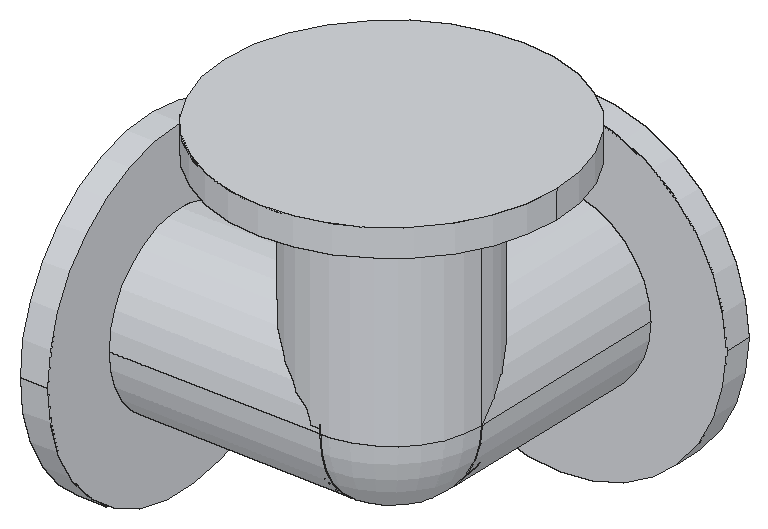
Revit family "M_Cotovelo de saída lateral - Flange - GI - Classe 25", category Conexões de tubo, Revit 2019
Family settings
  Cota do conector redondo = Usar raio
  Tipo de parte = Múltiplas portas
  Número OmniClass = 23.60.30.11.14
  Título OmniClass = Pipework Fittings
  ID de item do Seek = Elbow Side-Outlet - Flanged - GI - Class 25-0000-CAN-ENU
  Com base no plano de trabalho = Não
  Sempre na vertical = Sim
  Corte com vazios quando carregada = Não
  Compartilhado = Não
Parameters (values of type "Padrão")
  Espessura da parede [instance] = size_lookup(Nome da tabela de pesquisa, "WThk", 0.02 * Diâmetro nominal + 8.334 mm, Diâmetro nominal)  # 11 mm
  Tamanho da marca de revisão [instance] = Diâmetro da flange * 0.4  # 91.6 mm
  Método de perda = Não definido
  Nome da tabela de pesquisa = "M_Elbow Side-Outlet - Flanged - GI - Class 25"
  Comprimento 7 [instance] = Centro à face * sin(Ângulo 1)  # 165 mm
  Comprimento 6 [instance] = Centro à face * (1 + cos(Ângulo 1))  # 165 mm
  Comprimento 5 [instance] = Centro à face - Raio externo da conexão * cos(Ângulo 2)  # 165 mm
  Comprimento 4 [instance] = Raio externo da conexão * sin(Ângulo 2)  # 62 mm
  Comprimento 3 [instance] = Centro à face - Raio externo da conexão * cos(Ângulo 2)  # 165 mm
  Comprimento 2 [instance] = Raio externo da conexão * sin(Ângulo 2)  # 62 mm
  Comprimento 1 [instance] = Centro à face - Espessura do flange  # 146 mm
  Raio externo da conexão [instance] = Diâmetro externo da conexão / 2  # 62 mm
  Diâmetro externo da conexão [instance] = Diâmetro interno da conexão + Espessura da parede * 2  # 124 mm
  Raio nominal [instance] = 50 mm
  Diâmetro nominal [instance] = Raio nominal * 2  # 100 mm
  Diâmetro interno da conexão [instance] = size_lookup(Nome da tabela de pesquisa, "FID", 1.02 * Diâmetro nominal - 0 mm, Diâmetro nominal)  # 102 mm
  Centro à face [instance] = size_lookup(Nome da tabela de pesquisa, "CtF", 0.67 * Diâmetro nominal + 110.43 mm, Diâmetro nominal)  # 165 mm
  Espessura do flange [instance] = size_lookup(Nome da tabela de pesquisa, "FThk", 0.03 * Diâmetro nominal + 16.768 mm, Diâmetro nominal)  # 19 mm
  Raio da flange [instance] = Diâmetro da flange / 2  # 114.5 mm
  Diâmetro da flange [instance] = size_lookup(Nome da tabela de pesquisa, "FDia", 1.16 * Diâmetro nominal + 119.062 mm, Diâmetro nominal)  # 229 mm
  Assembly Code = ""
  Ângulo 2 [instance] = 90.00°
  Ângulo 1 [instance] = 90.00°
Reference planes
  plane 1 "Centro (Frente/Trás)": y = 0
  plane 2: z = 0
  plane 3 "Centro (Esquerda/Direita)": x = 0
  plane 4: x = -165
  plane 5: x = -146
  plane 6: y = 91.6
  plane 7: y = -91.6
  plane 8: x = 0
  plane 9: z = -62
  plane 10: x = 0
  plane 11: z = -62
  plane 12: x = 0
  plane 13: y = 165
Forms (mm)
  Sweep 1, solid, detail levels fine
    path in 3D
      loop
        line (-146, 0, 0) -> (0, 0, 0)
    profile origin (-73, 0, 0) x (0, 1, 0) y (0, 0, 1)
      loop
        circle (0, 0) r 62
  Sweep 2, solid, detail levels fine
    path in 3D
      loop
        line (0, 0, 0) -> (0, 146, 0)
    profile origin (0, 73, 0) x (-1, 0, 0) y (0, 0, 1)
      loop
        circle (0, 0) r 62
  Sweep 3, solid, detail levels fine
    path in 3D
      loop
        line (-165, 0, 0) -> (-146, 0, 0)
    profile origin (-155.5, 0, 0) x (0, 1, 0) y (0, 0, 1)
      loop
        circle (0, 0) r 114.5
  Sweep 4, solid, detail levels fine
    path in 3D
      loop
        line (0, 0, 146) -> (0, 0, 165)
    profile origin (0, 0, 155.5) x (-1, 0, 0) y (0, -1, 0)
      loop
        circle (0, 0) r 114.5
  Sweep 5, solid, detail levels fine
    path in 3D
      loop
        line (0, 146, 0) -> (0, 165, 0)
    profile origin (0, 155.5, 0) x (-1, 0, 0) y (0, 0, 1)
      loop
        circle (0, 0) r 114.5
  Sweep 6, solid, detail levels fine
    path in 3D
      loop
        line (0, 0, 0) -> (0, 0, 146)
    profile origin (0, 0, 73) x (-1, 0, 0) y (0, -1, 0)
      loop
        circle (0, 0) r 62
  Revolve 7, solid, detail levels fine
    sketch origin (0, 0, 0) x (0, 0, -1) y (1, 0, 0)
      loop
        line (0, 0) -> (62, 0)
        arc (62, 0) -> (43.841, 43.841) -> (0, 62) r 62
        line (0, 62) -> (0, 0)
      axis (62, 0) -> (0, 0)
    angle from 0 to 360
Cuts and joins
  joined: Sweep 1, Sweep 3, Sweep 5
  joined: Sweep 4, Sweep 6, Revolve 7
Lines and regions (mm)
  model lines, detail levels coarse+medium
    curve 1: line (-146, 0, 0) -> (0, 0, 0)
    curve 2: line (0, 0, 0) -> (0, 146, 0)
    curve 5: line (0, 0, 0) -> (0, 0, 146)
    curve 6: line (-165, 0, 0) -> (-146, 0, 0)
    curve 8: line (0, 0, 146) -> (0, 0, 165)
    curve 10: line (0, 146, 0) -> (0, 165, 0)
    curve 15: line (-165, 91.6, 0) -> (-165, 0, 0)
    curve 16: line (-165, 0, 0) -> (-165, -91.6, 0)
    curve 17: line (0, 165, 0) -> (-91.6, 165, 0)
    curve 18: line (0, 165, 0) -> (91.6, 165, 0)
    curve 19: line (0, 0, 165) -> (-91.6, 0, 165)
    curve 20: line (0, 0, 165) -> (91.6, 0, 165)
  sketch lines
    curve 3: line (-146, 0, 0) -> (0, 0, 0)
    curve 4: line (0, 0, 0) -> (0, 146, 0)
    curve 7: line (-165, 0, 0) -> (-146, 0, 0)
    curve 9: line (0, 0, 146) -> (0, 0, 165)
    curve 11: line (0, 146, 0) -> (0, 165, 0)
    curve 21: line (0, 0, 0) -> (0, 0, 146)
  reference lines
    curve 12: line (-165, 0, 0) -> (-146, 0, 0)
    curve 13: line (0, 0, 0) -> (0, 0, 165)
    curve 14: line (0, 0, 165) -> (0, 0, 146)
    curve 22: line (0, 0, 0) -> (0, 0, -137.244)
    curve 23: arc (0, 0, -62) -> (43.841, 0, -43.841) -> (62, 0, 0) r 62
    curve 24: line (0, 0, 0) -> (62, 0, 0)
    curve 25: line (0, 0, -62) -> (0, 0, 0)
    curve 26: arc (0, 0, -62) -> (43.841, 0, -43.841) -> (62, 0, 0) r 62
    curve 27: line (0, 0, 0) -> (62, 0, 0)
Dimensions and locks
  "Centro à face": plane 4 to plane 3 "Centro (Esquerda/Direita)"
  "Espessura do flange": plane 4 to plane 5
  "Comprimento 1": curve 2 to curve 2
  "Comprimento 1": curve 5 to curve 5
  "Espessura do flange": curve 8 to curve 8
  "Espessura do flange": curve 10 to curve 10
  "Centro à face": curve 13 to curve 13
  equal spacing: plane 6, plane 1 "Centro (Frente/Trás)", plane 7
  "Tamanho da marca de revisão": plane 6 to plane 1 "Centro (Frente/Trás)"
  "Tamanho da marca de revisão": curve 17 to curve 18
  "Tamanho da marca de revisão": curve 18 to curve 18
  "Tamanho da marca de revisão": curve 19 to curve 20
  "Tamanho da marca de revisão": curve 20 to curve 20
  "Comprimento 2": plane 2 to plane 9
  "Comprimento 4": plane 2 to plane 11
  "Raio externo da conexão": curve 24 to curve 24
  "Comprimento 6": plane 4 to plane 12
  "Comprimento 7": plane 13 to plane 1 "Centro (Frente/Trás)"
  "Comprimento 3": plane 8 to plane 4
  "Comprimento 5": plane 10 to plane 4
  "Raio externo da conexão": radius of Sweep 1 sketch curve
  "Raio externo da conexão": radius of Sweep 2 sketch curve
  "Raio da flange": radius of Sweep 3 sketch curve
  "Raio da flange": radius of Sweep 4 sketch curve
  "Raio da flange": radius of Sweep 5 sketch curve
  "Raio externo da conexão": radius of Sweep 6 sketch curve
  "Ângulo 1": angle plane 1 "Centro (Frente/Trás)" to curve 2
  "Ângulo 2": angle plane 2 to curve 5
  "Ângulo 2": angle plane 2 to curve 8
  "Ângulo 1": angle plane 1 "Centro (Frente/Trás)" to curve 10
  "Ângulo 2": angle plane 2 to curve 13
  "Ângulo 2": angle plane 2 to curve 14
  locked: curve 17 to curve 10 (angle 90.00°)
  locked: curve 10 to curve 18 (angle 90.00°)
  locked: curve 19 to curve 8 (angle 90.00°)
  locked: curve 8 to curve 20 (angle 90.00°)
  "Ângulo 2": angle plane 2 to curve 22
  locked: curve 23 to curve 23 (angle 90.00°)
  locked: curve 22 to curve 24 (angle 90.00°)
  "Ângulo 2": angle plane 2 to Revolve 7 sketch curve
  "Ângulo 2": angle plane 11 to curve 25
  locked: curve 26 to curve 26 (angle 90.00°)
  locked: curve 25 to curve 27 (angle 90.00°)
  aligned and locked: plane 5 to curve 1
  aligned and locked: plane 2 to curve 5
  aligned and locked: plane 3 "Centro (Esquerda/Direita)" to curve 5
  aligned and locked: plane 4 to curve 12
  aligned and locked: plane 1 "Centro (Frente/Trás)" to curve 12
  aligned and locked: plane 1 "Centro (Frente/Trás)" to curve 2
  aligned and locked: plane 2 to curve 13
  aligned and locked: plane 3 "Centro (Esquerda/Direita)" to curve 13
  aligned and locked: plane 6 to curve 15
  aligned and locked: plane 1 "Centro (Frente/Trás)" to curve 16
  aligned and locked: plane 7 to curve 16
  aligned and locked: curve 16 to plane 4
  aligned and locked: plane 9 to curve 23
  aligned and locked: plane 8 to curve 23
  aligned and locked: plane 3 "Centro (Esquerda/Direita)" to curve 23
  aligned and locked: plane 2 to curve 23
  aligned and locked: Revolve 7 sketch curve to curve 23
  aligned and locked: Revolve 7 sketch curve to curve 24
  aligned and locked: curve 13 to Revolve 7 sketch curve
  aligned and locked: plane 3 "Centro (Esquerda/Direita)" to Revolve 7 sketch curve
  aligned and locked: plane 11 to curve 25
  aligned and locked: plane 10 to curve 25
  aligned and locked: plane 2 to curve 26
  aligned and locked: plane 3 "Centro (Esquerda/Direita)" to curve 26
  aligned and locked: plane 11 to curve 26
  aligned and locked: plane 10 to curve 26
  aligned and locked: plane 2 to curve 2
  aligned: plane 3 "Centro (Esquerda/Direita)" to curve 2
Automatic sketch dimensions
  Sweep 1 sketch curve to profile plane = 0 mm  (x2)
  Sweep 2 sketch curve to profile plane = 0 mm  (x2)
  Sweep 3 sketch curve to profile plane = 0 mm  (x2)
  Sweep 4 sketch curve to profile plane = 0 mm  (x2)
  Sweep 5 sketch curve to profile plane = 0 mm  (x2)
  curve 2 to plane 3 "Centro (Esquerda/Direita)" = 0 mm
  Sweep 6 sketch curve to profile plane = 0 mm
  profile plane to Sweep 6 sketch curve = 0 mm
  curve 12 to plane 5 = 0 mm
Connectors
  piping at (-165, 0, 0), diameter 100, driven by "Raio nominal", driven by "Ângulo 1"
    settings: on cut or joined group of Sweep 1, Sweep 3, Sweep 5, index 1, connector inside diameter 100 mm, connector length 0 mm, flow factor 0, pipe flow 0.0 L/s, pressure drop 0.0 Pa, fitting loss kfactor 0, connector angle 90.00°, fixture units 0, engagement length 0 mm, angle of deflection 0.00°, flow configuration 0, flow direction 0, fitting loss method 0, system type 28, joint type 0, gender type 0, connector reference index 2, connector utility 0, adjustable connector no, is connector primary yes, connector description ""
  piping at (0, 165, 0), diameter 100, driven by "Raio nominal", driven by "Ângulo 1"
    settings: on cut or joined group of Sweep 1, Sweep 3, Sweep 5, index 2, connector inside diameter 100 mm, connector length 0 mm, flow factor 0, pipe flow 0.0 L/s, pressure drop 0.0 Pa, fitting loss kfactor 0, connector angle 90.00°, fixture units 0, engagement length 0 mm, angle of deflection 0.00°, flow configuration 0, flow direction 0, fitting loss method 0, system type 28, joint type 0, gender type 0, connector reference index 1, connector utility 0, adjustable connector no, is connector primary no, connector description ""
  piping at (0, 0, 165), diameter 100, driven by "Raio nominal", driven by "Ângulo 2"
    settings: on cut or joined group of Sweep 4, Sweep 6, Revolve 7, index 3, connector inside diameter 100 mm, connector length 0 mm, flow factor 0, pipe flow 0.0 L/s, pressure drop 0.0 Pa, fitting loss kfactor 0, connector angle 90.00°, fixture units 0, engagement length 0 mm, angle of deflection 0.00°, flow configuration 0, flow direction 0, fitting loss method 0, system type 28, joint type 0, gender type 0, connector reference index -1, connector utility 0, adjustable connector no, is connector primary no, connector description ""
